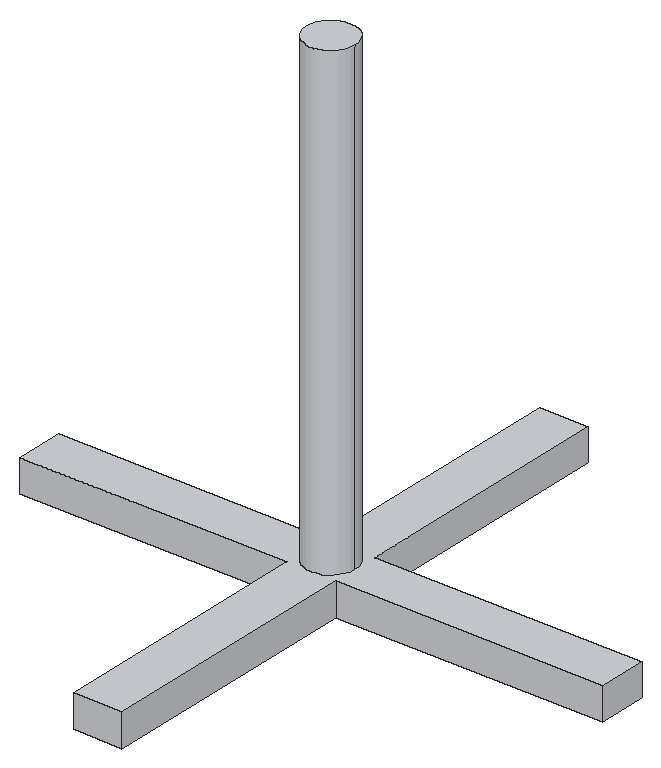
Revit family "FamilyEditor-Table-Base", category Furniture, Revit 2024
Family settings
  Work Plane-Based = No
  Enable Cutting in Views = Yes
  Always vertical = Yes
  Cut with Voids When Loaded = No
  Render Appearance Source = Family Geometry
  Shared = No
  Room Calculation Point = No
Parameters
  Height = 0' - 0"
  Default Elevation = 0' - 0"
Reference planes (in)
  plane 1 "Center (Front/Back)": y = 0
  plane 2: z = 0
  plane 3 "Center (Left/Right)": x = 0
Forms (in)
  Extrusion 1, solid
    sketch origin (0, 0, 0) x (1, 0, 0) y (0, 1, 0)
      loop
        line (-18, 1.5) -> (-18, -1.5) -> (-1.5, -1.5) -> (-1.5, -18) -> (1.5, -18) -> (1.5, -1.5) -> (18, -1.5) -> (18, 1.5) -> (1.5, 1.5) -> (1.5, 18) -> (-1.5, 18) -> (-1.5, 1.5) -> (-18, 1.5)
    from 0 to 2
  Extrusion 2, solid
    sketch origin (0, 0, 2) x (1, 0, 0) y (0, 1, 0)
      loop
        circle (0, 0) r 1.5
    from 0 to 29
Dimensions and locks (in)
  aligned and locked: plane 2 to level
